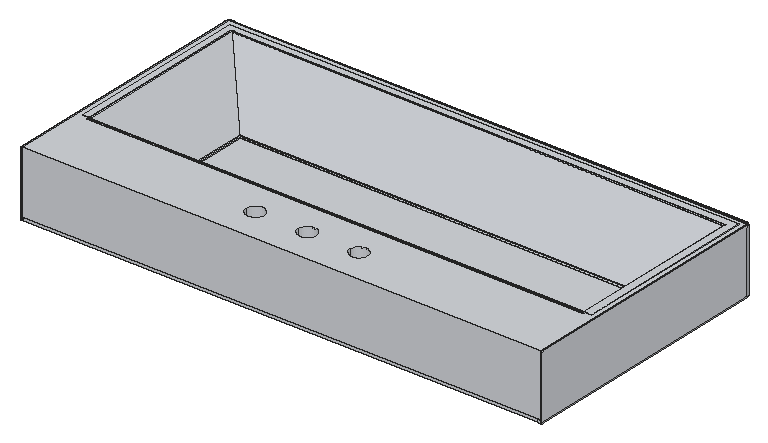
Revit family "M_Sink Bathroom Wall Hung_3", category 위생기구, Revit 2026
Family settings
  호스트 = 벽
  원형 커넥터 치수 = 지름 사용
  부품 유형 = 보통
  뷰에서 절단 사용 = 아니오
  항상 수직 = 예
  로드될 때 보이드를 사용하여 절단 = 아니오
  주석 방향 유지 = 아니오
  공유 = 아니오
  룸 계산 점 = 아니오
Parameters (values of type "1000 x 500mm")
  기본 높이 = 0 mm
  Material = none
  제조업체 = "Revit"
  조합 코드 = "D2010440"
Reference planes
  plane 1: y = 0
  plane 2 "Center (Left/Right)": x = 125
  plane 3 "Back": y = 75
Text (mm)
  text "Placement side" at (-1787.139, 592.35, 0), in view "Ref. Level"
  text "Placement side" at (0, 1827.695, 2917.686), in view "Left"
  text "Placement side" at (0, 562.268, 3853.606), in view "Right"
Dimensions and locks
  locked: plane 3 "Back" to host wall at 0
  aligned and locked: host wall to plane 1
  aligned and locked: plane 3 "Back" to nested 1
Nested families
  nested 1: "Sink_3" at (125, 75, 750), type "1000 x 500mm"
Definition of nested family "Sink_3"
  Parameters
    Default Elevation = 0 mm
    Material = none
    Manufacturer = "Revit"
    Assembly Code = "D2010440"
  Reference planes
    plane 1 "Center (Front/Back)": y = 0
    plane 2: z = 0
    plane 3 "Center (Left/Right)": x = 0
    plane 4: x = -134.49
    plane 5: x = -249.489
    plane 6: x = -224.489
  Forms (mm)
    Sweep 1, solid
      path origin (-125, -75, 0) x (1, 0, 0) y (0, 1, 0)
        loop
          line (-348.531, 210) -> (-348.531, 550) -> (601.469, 550) -> (601.469, 210)
      profile origin (0, 305, 0) x (-1, 0, 0) y (0, 0, 1)
        loop
          line (488.392, 115) -> (488.392, 120) -> (474.501, 120)
          arc (474.501, 120) -> (473.531, 119.749) -> (472.805, 119.06) r 2
          line (472.805, 119.06) -> (398.98, 0.94)
          arc (398.98, 0.94) -> (398.253, 0.251) -> (397.284, 0) r 2
          line (397.284, 0) -> (393.039, 0) -> (393.039, -5.042) -> (401.137, -5.042) -> (476.163, 115) -> (488.392, 115)
    Sweep 2, solid
      path origin (-125, -75, 0) x (1, 0, 0) y (0, 1, 0)
        loop
          line (-351.163, 205) -> (604.101, 205)
      profile origin (1.469, 0, 0) x (0, 1, 0) y (0, 0, 1)
        loop
          line (149.827, 1.749) -> (135.102, 118.251)
          arc (135.102, 118.251) -> (134.441, 119.5) -> (133.118, 120) r 2
          line (133.118, 120) -> (129.881, 120) -> (145.686, -5.042) -> (155.686, -5.042) -> (155.686, 0) -> (151.811, 0)
          arc (151.811, 0) -> (150.489, 0.5) -> (149.827, 1.749) r 2
    Extrusion 3, solid
      sketch origin (-125, -75, 0) x (1, 0, 0) y (0, 1, 0)
        loop
          arc (-370.531, 573) -> (-372.653, 572.121) -> (-373.531, 570) r 3
          line (-373.531, 570) -> (-373.531, 75) -> (626.469, 75) -> (626.469, 570)
          arc (626.469, 570) -> (625.59, 572.121) -> (623.469, 573) r 3
          line (623.469, 573) -> (-370.531, 573)
        loop
          circle (25.511, 139.361) r 17.5
        loop
          circle (125.511, 139.361) r 17.5
        loop
          circle (225.511, 139.361) r 17.5
        loop
          line (604.101, 550) -> (-351.163, 550) -> (-351.163, 205) -> (604.101, 205) -> (604.101, 550)
      from 0 to 120
    Sweep 4, solid
      path origin (-125, -75, 0) x (1, 0, 0) y (0, 1, 0)
        loop
          line (-373.531, 75) -> (-373.531, 570)
          arc (-373.531, 570) -> (-372.067, 573.536) -> (-368.531, 575) r 5
          line (-368.531, 575) -> (621.469, 575)
          arc (621.469, 575) -> (625.004, 573.536) -> (626.469, 570) r 5
          line (626.469, 570) -> (626.469, 75)
      profile origin (0, 247.5, 0) x (-1, 0, 0) y (0, 0, 1)
        loop
          line (498.531, 120) -> (498.531, -5) -> (499.531, -5)
          arc (499.531, -5) -> (500.238, -4.707) -> (500.531, -4) r 1
          line (500.531, -4) -> (500.531, 119)
          arc (500.531, 119) -> (500.238, 119.707) -> (499.531, 120) r 1
          line (499.531, 120) -> (498.531, 120)
    Extrusion 5, solid
      sketch origin (-125, -75, 0) x (1, 0, 0) y (0, 1, 0)
        loop
          arc (-373.531, 80) -> (-372.067, 76.464) -> (-368.531, 75) r 5
          line (-368.531, 75) -> (621.469, 75)
          arc (621.469, 75) -> (625.004, 76.464) -> (626.469, 80) r 5
          line (626.469, 80) -> (626.469, 570)
          arc (626.469, 570) -> (625.004, 573.536) -> (621.469, 575) r 5
          line (621.469, 575) -> (-368.531, 575)
          arc (-368.531, 575) -> (-372.067, 573.536) -> (-373.531, 570) r 5
          line (-373.531, 570) -> (-373.531, 80)
        loop
          circle (125.51, 275) r 23
      from -5.042 to 0
  Lines and regions (mm)
    symbolic lines
      curve 1: line (-495, 500, 0) -> (495, 500, 0)
      curve 2: arc (495, 500, 0) -> (498.536, 498.536, 0) -> (500, 495, 0) r 5
      curve 3: line (500, 495, 0) -> (500, 5, 0)
      curve 4: arc (500, 5, 0) -> (498.536, 1.464, 0) -> (495, 0, 0) r 5
      curve 5: line (495, 0, 0) -> (-495, 0, 0)
      curve 6: arc (-495, 0, 0) -> (-498.536, 1.464, 0) -> (-500, 5, 0) r 5
      curve 7: line (-500, 5, 0) -> (-500, 495, 0)
      curve 8: arc (-500, 495, 0) -> (-498.536, 498.536, 0) -> (-495, 500, 0) r 5
      curve 9: line (-470, 475, 0) -> (470, 475, 0)
      curve 10: arc (470, 475, 0) -> (473.536, 473.536, 0) -> (475, 470, 0) r 5
      curve 11: line (475, 470, 0) -> (475, 135, 0)
      curve 12: arc (475, 135, 0) -> (473.536, 131.464, 0) -> (470, 130, 0) r 5
      curve 13: line (470, 130, 0) -> (-470, 130, 0)
      curve 14: arc (-470, 130, 0) -> (-473.536, 131.464, 0) -> (-475, 135, 0) r 5
      curve 15: line (-475, 135, 0) -> (-475, 470, 0)
      curve 16: arc (-475, 470, 0) -> (-473.536, 473.536, 0) -> (-470, 475, 0) r 5
      curve 17: line (-470, 470, 0) -> (-388.13, 388.13, 0)
      curve 18: line (-470, 135, 0) -> (-389.982, 151.032, 0)
      curve 19: line (470, 135, 0) -> (390.329, 150.477, 0)
      curve 20: line (470, 470, 0) -> (387.696, 387.696, 0)
      curve 21: line (-380, 385, 0) -> (380, 385, 0)
      curve 22: arc (380, 385, 0) -> (383.536, 383.536, 0) -> (385, 380, 0) r 5
      curve 23: line (385, 380, 0) -> (385, 155.048, 0)
      curve 24: arc (385, 155.048, 0) -> (383.536, 151.513, 0) -> (380, 150.048, 0) r 5
      curve 25: line (380, 150.048, 0) -> (-380, 150.048, 0)
      curve 26: arc (-380, 150.048, 0) -> (-383.536, 151.513, 0) -> (-385, 155.048, 0) r 5
      curve 27: line (-385, 155.048, 0) -> (-385, 380, 0)
      curve 28: arc (-385, 380, 0) -> (-383.536, 383.536, 0) -> (-380, 385, 0) r 5
      curve 29: arc (-37.5, 200, 0) -> (0, 237.5, 0) -> (37.5, 200, 0) r 37.5
      curve 30: arc (37.5, 200, 0) -> (0, 162.5, 0) -> (-37.5, 200, 0) r 37.5
      curve 31: arc (-23, 200, 0) -> (0, 223, 0) -> (23, 200, 0) r 23
      curve 32: arc (23, 200, 0) -> (0, 177, 0) -> (-23, 200, 0) r 23
      curve 33: arc (-17.5, 64.361, 0) -> (0, 81.861, 0) -> (17.5, 64.361, 0) r 17.5
      curve 34: arc (17.5, 64.361, 0) -> (0, 46.861, 0) -> (-17.5, 64.361, 0) r 17.5
      curve 35: arc (82.5, 64.361, 0) -> (100, 81.861, 0) -> (117.5, 64.361, 0) r 17.5
      curve 36: arc (117.5, 64.361, 0) -> (100, 46.861, 0) -> (82.5, 64.361, 0) r 17.5
      curve 37: arc (-117.5, 64.361, 0) -> (-100, 81.861, 0) -> (-82.5, 64.361, 0) r 17.5
      curve 38: arc (-82.5, 64.361, 0) -> (-100, 46.861, 0) -> (-117.5, 64.361, 0) r 17.5
      curve 39: spline (-12.5, 136.838, 0) -> (-12.074, 137.573, 0) -> (-10.825, 138.258, 0) -> (-8.839, 138.846, 0) -> (-6.25, 139.297, 0) -> (-3.235, 139.581, 0) -> (0, 139.678, 0) -> (3.235, 139.581, 0) -> (6.25, 139.297, 0) -> (8.839, 138.846, 0) -> (10.825, 138.258, 0) -> (12.074, 137.573, 0) -> (12.5, 136.838, 0)
      curve 40: spline (-12.5, 136.838, 0) -> (-12.074, 136.102, 0) -> (-10.825, 135.418, 0) -> (-8.839, 134.829, 0) -> (-6.25, 134.378, 0) -> (-3.235, 134.094, 0) -> (0, 133.998, 0) -> (3.235, 134.094, 0) -> (6.25, 134.378, 0) -> (8.839, 134.829, 0) -> (10.825, 135.418, 0) -> (12.074, 136.102, 0) -> (12.5, 136.838, 0)
